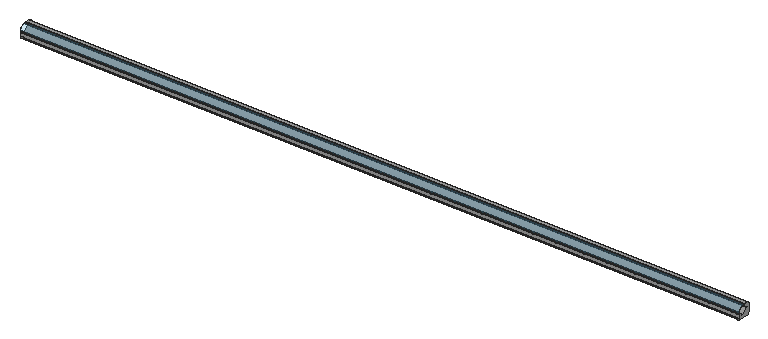
Revit family "LCAL22", category Luminarias, Revit 2019
Family settings
  Cota de conector redondo = Diámetro de uso
  Tipo de pieza = Normal
  Se basa en plano de trabajo = Sí
  Siempre vertical = No
  Corte con vacíos al cargar = No
  Origen de luz = No
  Compartido = Sí
  Punto de cálculo de habitación = No
Parameters (values of type "PERFIL_LCAL22")
  Tapa Final 22.1 = 1
  Keynote = ""
  Modelo = "LCAL22"
  Lamp = ""
  Longitud = 1200 mm
  Fabricante = "BRILLANT"
  Default Elevation = 1219.2 mm
  Descripción = "PERFIL DE ALUMINIO TIPO ESQUINA CON DIFUSOR LECHOSO PARA ALOJAR TIRA LUMINOSA DE HASTA 12.2MM DE ANCHO. INSTALACION PARA ESQUINAS, PERFIL DE CLIP MONTADO IDEAL PARA ATENUAR EL BRILLO E INCORPORAR LA LUZ AL AMBIENTE.PRESENTACION DE 1.2 METROS. REQUEIRE ACCESORIOS COMO TAPA FINAL PARA EXTREMOS Y CLIPS DE SUJECION (CONSIDERAR 4 PZAS POR 1.20M)"
  Costo USD_LCAL22 [instance] = (Longitud / 1200 mm) * (15)  # 15
  Wattage Comments = ""
  Clips de Sujecion 22.2 = (Longitud / 1200 mm) * (4)  # 4
Reference planes
  plane 1 "Centro (Frontal/Posterior)": y = 0
  plane 2: z = 0
  plane 3 "Centro (Izquierda/Derecha)": x = 0
  plane 4: x = -1200
  plane 5 "TIRA INTERIOR": through (0, -2.902, 3.597) normal (0, -0.7071, 0.7071)
Forms (mm)
  Extrusion 1, solid, material "Aluminio"
    sketch origin (37.527, 0, 32.853) x (0, 0, 1) y (0, -1, 0)
      loop
        line (-32.853, 8.224) -> (-32.853, -5.845)
        arc (-32.853, -5.845) -> (-31.835, -8.304) -> (-29.376, -9.322) r 3.477
        line (-29.376, -9.322) -> (-15.307, -9.322)
        arc (-15.307, -9.322) -> (-14.597, -9.028) -> (-14.303, -8.318) r 1.004
        line (-14.303, -8.318) -> (-14.303, -1.392) -> (-15.156, -1.293) -> (-15.729, -1.867) -> (-16.551, -1.647) -> (-17.117, -2.212) -> (-17.117, -3.034) -> (-17.939, -3.034) -> (-20.629, -5.725) -> (-29.256, 2.902) -> (-26.565, 5.592) -> (-26.565, 6.414) -> (-25.743, 6.414) -> (-25.178, 6.98) -> (-25.398, 7.802) -> (-24.824, 8.375) -> (-25.053, 9.228) -> (-31.849, 9.228)
        arc (-31.849, 9.228) -> (-32.559, 8.934) -> (-32.853, 8.224) r 1.004
    from -1237.527 to -37.527
  Extrusion 2, solid, material "Difusor Lechoso"
    sketch origin (22.394, 0, 27.494) x (0, 0, 1) y (0, -1, 0)
      loop
        arc (-8.944, -1.379) -> (-11.965, 6.3) -> (-19.68, 9.228) r 10.197
        line (-19.68, 9.228) -> (-19.454, 8.387) -> (-20.039, 7.802) -> (-19.819, 6.98) -> (-20.385, 6.414) -> (-21.185, 6.414) -> (-21.185, 5.614) -> (-20.053, 5.614) -> (-17.388, 8.28)
        arc (-17.388, 8.28) -> (-12.484, 5.687) -> (-9.896, 0.781) r 9.397
        line (-9.896, 0.781) -> (-12.558, -1.881) -> (-12.558, -3.012) -> (-11.758, -3.012) -> (-11.758, -2.212) -> (-11.192, -1.647) -> (-10.371, -1.867) -> (-9.786, -1.282) -> (-8.944, -1.379)
    from -1222.394 to -22.394
Dimensions and locks
  "Longitud": plane 3 "Centro (Izquierda/Derecha)" to plane 4
  "Longitud": plane 4 to plane 3 "Centro (Izquierda/Derecha)"
  Extrusion 1 sketch curve to Extrusion 1 sketch curve = 12.2 mm
  Extrusion 1 sketch curve to Extrusion 1 sketch curve = 18.55 mm  (x2)
  Extrusion 1 to Extrusion 1 = 18.55 mm  (x2)
  Extrusion 1 to Extrusion 1 = 12.2 mm
  aligned and locked: level to plane 2
  aligned and locked: plane 4 to Extrusion 1
  aligned and locked: plane 3 "Centro (Izquierda/Derecha)" to Extrusion 1
  aligned and locked: plane 4 to Extrusion 2
  aligned and locked: plane 3 "Centro (Izquierda/Derecha)" to Extrusion 2
Automatic sketch dimensions
  Extrusion 2 sketch curve to Extrusion 2 sketch curve = 0 mm  (x2)
  level to Extrusion 2 sketch curve = 6.31 mm
  Extrusion 2 sketch curve to Extrusion 2 sketch curve = 0.8 mm  (x3)
  Extrusion 2 sketch curve to Extrusion 2 sketch curve = 0.331 mm  (x2)
  Extrusion 2 sketch curve to Extrusion 2 sketch curve = 0.346 mm
  Extrusion 2 sketch curve to Extrusion 2 sketch curve = 0.566 mm  (x4)
  Extrusion 2 sketch curve to Extrusion 2 sketch curve = 0.36 mm
  Extrusion 2 sketch curve to Extrusion 2 sketch curve = 0.585 mm  (x3)
  Extrusion 2 sketch curve to plane 1 "Centro (Frontal/Posterior)" = 0.954 mm
  Extrusion 2 sketch curve to Extrusion 2 sketch curve = 0.922 mm
  Extrusion 2 sketch curve to Extrusion 2 sketch curve = 2.066 mm
  Extrusion 2 sketch curve to plane 1 "Centro (Frontal/Posterior)" = 3.012 mm
  Extrusion 2 sketch curve to plane 1 "Centro (Frontal/Posterior)" = 1.647 mm
  Extrusion 2 sketch curve to plane 1 "Centro (Frontal/Posterior)" = 1.867 mm
  Extrusion 2 sketch curve to Extrusion 2 sketch curve = 0.822 mm  (x2)
  plane 1 "Centro (Frontal/Posterior)" to Extrusion 2 sketch curve = 0.781 mm
  Extrusion 2 sketch curve to Extrusion 2 sketch curve = 0.474 mm
  Extrusion 2 sketch curve to plane 1 "Centro (Frontal/Posterior)" = 1.282 mm
  Extrusion 2 sketch curve to Extrusion 2 sketch curve = 2.665 mm
  Extrusion 2 sketch curve to Extrusion 2 sketch curve = 0.841 mm
  Extrusion 2 sketch curve to Extrusion 2 sketch curve = 0.842 mm
  Extrusion 2 sketch curve to plane 1 "Centro (Frontal/Posterior)" = 1.379 mm
  Extrusion 1 sketch curve to level = 0 mm
  level to Extrusion 1 sketch curve = 1.004 mm
  level to Extrusion 1 sketch curve = 3.477 mm
  level to Extrusion 1 sketch curve = 3.597 mm
  Extrusion 1 sketch curve to Extrusion 1 sketch curve = 2.691 mm
  Extrusion 1 sketch curve to Extrusion 1 sketch curve = 0.822 mm  (x5)
  Extrusion 1 sketch curve to Extrusion 1 sketch curve = 0.346 mm
  Extrusion 1 sketch curve to Extrusion 1 sketch curve = 0.566 mm  (x3)
  Extrusion 1 sketch curve to Extrusion 1 sketch curve = 0.573 mm  (x3)
  Extrusion 1 sketch curve to plane 1 "Centro (Frontal/Posterior)" = 5.725 mm
  Extrusion 1 sketch curve to Extrusion 1 sketch curve = 6.326 mm
  Extrusion 1 sketch curve to plane 1 "Centro (Frontal/Posterior)" = 3.034 mm
  Extrusion 1 sketch curve to plane 1 "Centro (Frontal/Posterior)" = 2.212 mm
  Extrusion 1 sketch curve to plane 1 "Centro (Frontal/Posterior)" = 1.647 mm
  Extrusion 1 sketch curve to plane 1 "Centro (Frontal/Posterior)" = 1.867 mm
  Extrusion 1 sketch curve to Extrusion 1 sketch curve = 1.004 mm
  Extrusion 1 sketch curve to plane 1 "Centro (Frontal/Posterior)" = 1.293 mm
  Extrusion 1 sketch curve to plane 1 "Centro (Frontal/Posterior)" = 5.845 mm
  Extrusion 1 sketch curve to Extrusion 1 sketch curve = 0.099 mm
  Extrusion 1 sketch curve to Extrusion 1 sketch curve = 0.229 mm
